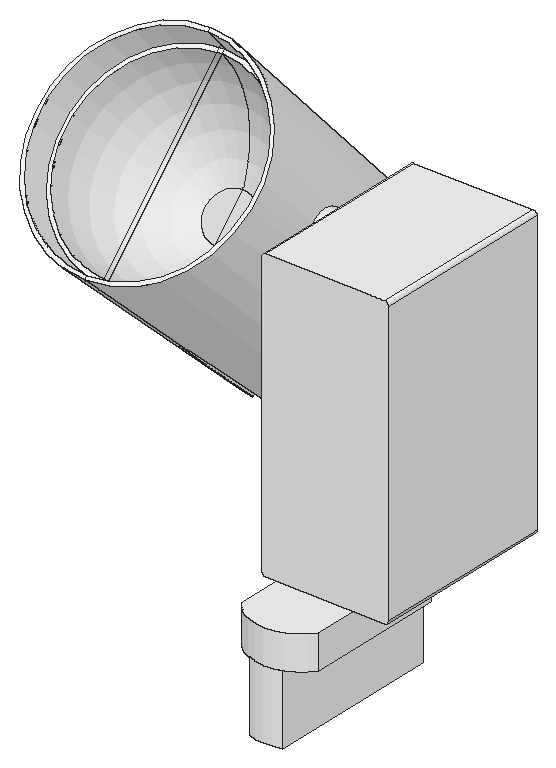
Revit family "0004816 Feilo Sylvania Lighting Fixture START TRACK SPOT S 24W 3K RA80 WB WHITE", category Lighting Fixtures, host Face, Revit 2017 (continued)
Definition of nested family "Start Track Spot Head"
  Types (96, lengths in mm): name | Wattage | built-in parameter 1150134 | Photometric Web File | Model | built-in parameter 1150105 | Lumens | built-in parameter 1150107 | built-in parameter 1150106 | HeadThickness_FEILO | HeadRibOffset_FEILO | HeadRibDepth_FEILO | HeadRibCutWidth_FEILO | HeadRibCutOffset_FEILO | HeadReflectorRadius_FEILO | HeadReflectorOffset_FEILO | HeadLEDRadius_FEILO | HeadHeight_FEILO | HeadDiffusorOffset_FEILO | HeadDiaOut_FEILO | HeadDiaIn_FEILO | HeadAxisFromTop_FEILO | Emit from Circle Diameter | built-in parameter 1150104 | Description | Apparent Load
    0004864 START TRACK SPOT S 24W 3K RA90 WB WHITE | 24 W | (empty or 0) | "0004864.ies" | "START TRACK SPOT S 24W 3K RA90 WB WHITE" | 152.79 (stored number, unit not read) | 1920 lm | 3000 (stored number, unit not read) | 1.5279 (stored number, unit not read) | 1.5 | 4.179 | 55.714 | 7.167 | 50.87 | 50.588 | 55.714 | 9.556 | 117 | 9.435 | 86 | 77.477 | 69.354 | 77.477 | 7.4322 (stored number, unit not read) | "Integrated LED spotlight, Textured White - RAL9016, compact and minimalist design, ideal for retail applications, die-cast aluminium body, passive cooling heatsink. Beam angle: 64°, color temperature: 3000K , total system power: 24W, total fixture output: 1928 lm, LOR: 100%, colour rendering: Ra: 90 typical, LED Chromaticity: 3 step MacAdam ellipse, lifetime: >50000 hours at L70B50, energy class: A++, A+, A, IR/UV free light source without heat radiation, operating voltage: 220-240V / 50-60Hz, drive current: 600mA, electronic driver, non-dimmable, power factor: 0.95, electrical protection: Class II, Global Track 3 Phase adapter suitable for Global trac 3-circuit tracks, ingress protection rating: IP20, suitable for internal environment only, horizontal rotation: 355°, vertical tilt: 90°, dimensions: Ø86x140x200, weight: 0.966kg." | 24 VA
    0004863 START TRACK SPOT S 24W 3K RA90 MB WHITE | 24 W | (empty or 0) | "0004863.ies" | "START TRACK SPOT S 24W 3K RA90 MB WHITE" | 154.7 (stored number, unit not read) | 1944 lm | 3000 (stored number, unit not read) | 1.547 (stored number, unit not read) | 1.5 | 4.179 | 55.714 | 7.167 | 50.87 | 50.588 | 55.714 | 9.556 | 117 | 9.435 | 86 | 77.477 | 69.354 | 77.477 | 7.5251 (stored number, unit not read) | "Integrated LED spotlight, Textured White - RAL9016, compact and minimalist design, ideal for retail applications, die-cast aluminium body, passive cooling heatsink. Beam angle: 36°, color temperature: 3000K , total system power: 24W, total fixture output: 1944 lm, LOR: 100%, colour rendering: Ra: 90 typical, LED Chromaticity: 3 step MacAdam ellipse, lifetime: >50000 hours at L70B50, energy class: A++, A+, A, IR/UV free light source without heat radiation, operating voltage: 220-240V / 50-60Hz, drive current: 600mA, electronic driver, non-dimmable, power factor: 0.95, electrical protection: Class II, Global Track 3 Phase adapter suitable for Global trac 3-circuit tracks, ingress protection rating: IP20, suitable for internal environment only, horizontal rotation: 355°, vertical tilt: 90°, dimensions: Ø86x140x200, weight: 0.966kg." | 24 VA
    0004862 START TRACK SPOT S 24W 3K RA90 NB WHITE | 24 W | (empty or 0) | "0004862.ies" | "START TRACK SPOT S 24W 3K RA90 NB WHITE" | 158.52 (stored number, unit not read) | 1992 lm | 3000 (stored number, unit not read) | 1.5852 (stored number, unit not read) | 1.5 | 4.179 | 55.714 | 7.167 | 50.87 | 50.588 | 55.714 | 9.556 | 117 | 9.435 | 86 | 77.477 | 69.354 | 77.477 | 7.711 (stored number, unit not read) | "Integrated LED spotlight, Textured White - RAL9016, compact and minimalist design, ideal for retail applications, die-cast aluminium body, passive cooling heatsink. Beam angle: 12°, color temperature: 3000K , total system power: 24W, total fixture output: 1987 lm, LOR: 100%, colour rendering: Ra: 90 typical, LED Chromaticity: 3 step MacAdam ellipse, lifetime: >50000 hours at L70B50, energy class: A++, A+, A, IR/UV free light source without heat radiation, operating voltage: 220-240V / 50-60Hz, drive current: 600mA, electronic driver, non-dimmable, power factor: 0.95, electrical protection: Class II, Global Track 3 Phase adapter suitable for Global trac 3-circuit tracks, ingress protection rating: IP20, suitable for internal environment only, horizontal rotation: 355°, vertical tilt: 90°, dimensions: Ø86x140x200, weight: 0.966kg." | 24 VA
    0004861 START TRACK SPOT S 14W 3K RA90 WB WHITE | 14 W | (empty or 0) | "0004861.ies" | "START TRACK SPOT S 14W 3K RA90 WB WHITE" | 100.27 (stored number, unit not read) | 1260 lm | 3000 (stored number, unit not read) | 1.0027 (stored number, unit not read) | 1.5 | 4.179 | 55.714 | 7.167 | 50.87 | 50.588 | 55.714 | 9.556 | 117 | 9.435 | 86 | 77.477 | 69.354 | 77.477 | 8.3613 (stored number, unit not read) | "Integrated LED spotlight, Textured White - RAL9016, compact and minimalist design, ideal for retail applications, die-cast aluminium body, passive cooling heatsink. Beam angle: 64°, color temperature: 3000K , total system power: 14W, total fixture output: 1262 lm, LOR: 100%, colour rendering: Ra: 90 typical, LED Chromaticity: 3 step MacAdam ellipse, lifetime: >50000 hours at L70B50, energy class: A++, A+, A, IR/UV free light source without heat radiation, operating voltage: 220-240V / 50-60Hz, drive current: 350mA, electronic driver, non-dimmable, power factor: 0.92, electrical protection: Class II, Global Track 3 Phase adapter suitable for Global trac 3-circuit tracks, ingress protection rating: IP20, suitable for internal environment only, horizontal rotation: 355°, vertical tilt: 90°, dimensions: Ø86x140x200, weight: 0.940kg." | 14 VA
    0004860 START TRACK SPOT S 14W 3K RA90 MB WHITE | 14 W | (empty or 0) | "0004860.ies" | "START TRACK SPOT S 14W 3K RA90 MB WHITE" | 100.27 (stored number, unit not read) | 1260 lm | 3000 (stored number, unit not read) | 1.0027 (stored number, unit not read) | 1.5 | 4.179 | 55.714 | 7.167 | 50.87 | 50.588 | 55.714 | 9.556 | 117 | 9.435 | 86 | 77.477 | 69.354 | 77.477 | 8.3613 (stored number, unit not read) | "Integrated LED spotlight, Textured White - RAL9016, compact and minimalist design, ideal for retail applications, die-cast aluminium body, passive cooling heatsink. Beam angle: 36°, color temperature: 3000K , total system power: 14W, total fixture output: 1262 lm, LOR: 100%, colour rendering: Ra: 90 typical, LED Chromaticity: 3 step MacAdam ellipse, lifetime: >50000 hours at L70B50, energy class: A++, A+, A, IR/UV free light source without heat radiation, operating voltage: 220-240V / 50-60Hz, drive current: 350mA, electronic driver, non-dimmable, power factor: 0.92, electrical protection: Class II, Global Track 3 Phase adapter suitable for Global trac 3-circuit tracks, ingress protection rating: IP20, suitable for internal environment only, horizontal rotation: 355°, vertical tilt: 90°, dimensions: Ø86x140x200, weight: 0.940kg." | 14 VA
    0004859 START TRACK SPOT S 14W 3K RA90 NB WHITE | 14 W | (empty or 0) | "0004859.ies" | "START TRACK SPOT S 14W 3K RA90 NB WHITE" | 102.5 (stored number, unit not read) | 1288 lm | 3000 (stored number, unit not read) | 1.025 (stored number, unit not read) | 1.5 | 4.179 | 55.714 | 7.167 | 50.87 | 50.588 | 55.714 | 9.556 | 117 | 9.435 | 86 | 77.477 | 69.354 | 77.477 | 8.5471 (stored number, unit not read) | "Integrated LED spotlight, Textured White - RAL9016, compact and minimalist design, ideal for retail applications, die-cast aluminium body, passive cooling heatsink. Beam angle: 12°, color temperature: 3000K , total system power: 14W, total fixture output: 1284 lm, LOR: 100%, colour rendering: Ra: 90 typical, LED Chromaticity: 3 step MacAdam ellipse, lifetime: >50000 hours at L70B50, energy class: A++, A+, A, IR/UV free light source without heat radiation, operating voltage: 220-240V / 50-60Hz, drive current: 350mA, electronic driver, non-dimmable, power factor: 0.92, electrical protection: Class II, Global Track 3 Phase adapter suitable for Global trac 3-circuit tracks, ingress protection rating: IP20, suitable for internal environment only, horizontal rotation: 355°, vertical tilt: 90°, dimensions: Ø86x140x200, weight: 0.940kg." | 14 VA
    0004858 START TRACK SPOT L 55W 4K RA80 WB BLACK | 55 W | 12 | "0004858.ies" | "START TRACK SPOT L 55W 4K RA80 WB BLACK" | 424.55 (stored number, unit not read) | 5335 lm | 4000 (stored number, unit not read) | 4.2455 (stored number, unit not read) | 2 | 4.429 | 59.048 | 9.417 | 53.913 | 66.471 | 59.048 | 12.556 | 124 | 10 | 113 | 101.802 | 73.503 | 101.802 | 9.0116 (stored number, unit not read) | "Integrated LED spotlight, Textured Black - RAL9005, compact and minimalist design, ideal for retail applications, die-cast aluminium body, passive cooling heatsink. Beam angle: 52°, color temperature: 4000K , total system power: 55W, total fixture output: 5320 lm, LOR: 100%, colour rendering: Ra: 80 typical, LED Chromaticity: 3 step MacAdam ellipse, lifetime: >50000 hours at L70B50, energy class: A++, A+, A, IR/UV free light source without heat radiation, operating voltage: 220-240V / 50-60Hz, drive current: 1400mA, electronic driver, non-dimmable, power factor: 0.96, electrical protection: Class II, Global Track 3 Phase adapter suitable for Global trac 3-circuit tracks, ingress protection rating: IP20, suitable for internal environment only, horizontal rotation: 355°, vertical tilt: 90°, dimensions: Ø113x164x240, weight: 1.398kg." | 55 VA
    0004857 START TRACK SPOT L 55W 4K RA80 MB BLACK | 55 W | 12 | "0004857.ies" | "START TRACK SPOT L 55W 4K RA80 MB BLACK" | 428.92 (stored number, unit not read) | 5390 lm | 4000 (stored number, unit not read) | 4.2892 (stored number, unit not read) | 2 | 4.429 | 59.048 | 9.417 | 53.913 | 66.471 | 59.048 | 12.556 | 124 | 10 | 113 | 101.802 | 73.503 | 101.802 | 9.1045 (stored number, unit not read) | "Integrated LED spotlight, Textured Black - RAL9005, compact and minimalist design, ideal for retail applications, die-cast aluminium body, passive cooling heatsink. Beam angle: 38°, color temperature: 4000K , total system power: 55W, total fixture output: 5378 lm, LOR: 100%, colour rendering: Ra: 80 typical, LED Chromaticity: 3 step MacAdam ellipse, lifetime: >50000 hours at L70B50, energy class: A++, A+, A, IR/UV free light source without heat radiation, operating voltage: 220-240V / 50-60Hz, drive current: 1400mA, electronic driver, non-dimmable, power factor: 0.96, electrical protection: Class II, Global Track 3 Phase adapter suitable for Global trac 3-circuit tracks, ingress protection rating: IP20, suitable for internal environment only, horizontal rotation: 355°, vertical tilt: 90°, dimensions: Ø113x164x240, weight: 1.398kg." | 55 VA
    0004856 START TRACK SPOT L 55W 4K RA80 NB BLACK | 55 W | 12 | "0004856.ies" | "START TRACK SPOT L 55W 4K RA80 NB BLACK" | 433.3 (stored number, unit not read) | 5445 lm | 4000 (stored number, unit not read) | 4.333 (stored number, unit not read) | 2 | 4.429 | 59.048 | 9.417 | 53.913 | 66.471 | 59.048 | 12.556 | 124 | 10 | 113 | 101.802 | 73.503 | 101.802 | 9.1974 (stored number, unit not read) | "Integrated LED spotlight, Textured Black - RAL9005, compact and minimalist design, ideal for retail applications, die-cast aluminium body, passive cooling heatsink. Beam angle: 15°, color temperature: 4000K , total system power: 55W, total fixture output: 5426 lm, LOR: 100%, colour rendering: Ra: 80 typical, LED Chromaticity: 3 step MacAdam ellipse, lifetime: >50000 hours at L70B50, energy class: A++, A+, A, IR/UV free light source without heat radiation, operating voltage: 220-240V / 50-60Hz, drive current: 1400mA, electronic driver, non-dimmable, power factor: 0.96, electrical protection: Class II, Global Track 3 Phase adapter suitable for Global trac 3-circuit tracks, ingress protection rating: IP20, suitable for internal environment only, horizontal rotation: 355°, vertical tilt: 90°, dimensions: Ø113x164x240, weight: 1.398kg." | 55 VA
    0004855 START TRACK SPOT L 35W 4K RA80 WB BLACK | 35 W | 12 | "0004855.ies" | "START TRACK SPOT L 35W 4K RA80 WB BLACK" | 320.3 (stored number, unit not read) | 4025 lm | 4000 (stored number, unit not read) | 3.203 (stored number, unit not read) | 2 | 4.429 | 59.048 | 9.417 | 53.913 | 66.471 | 59.048 | 12.556 | 124 | 10 | 113 | 101.802 | 73.503 | 101.802 | 10.684 (stored number, unit not read) | "Integrated LED spotlight, Textured Black - RAL9005, compact and minimalist design, ideal for retail applications, die-cast aluminium body, passive cooling heatsink. Beam angle: 52°, color temperature: 4000K , total system power: 35W, total fixture output: 4010 lm, LOR: 100%, colour rendering: Ra: 80 typical, LED Chromaticity: 3 step MacAdam ellipse, lifetime: >50000 hours at L70B50, energy class: A++, A+, A, IR/UV free light source without heat radiation, operating voltage: 220-240V / 50-60Hz, drive current: 900mA, electronic driver, non-dimmable, power factor: 0.93, electrical protection: Class II, Global Track 3 Phase adapter suitable for Global trac 3-circuit tracks, ingress protection rating: IP20, suitable for internal environment only, horizontal rotation: 355°, vertical tilt: 90°, dimensions: Ø113x164x240, weight: 1.368kg." | 35 VA
    0004854 START TRACK SPOT L 35W 4K RA80 MB BLACK | 35 W | 12 | "0004854.ies" | "START TRACK SPOT L 35W 4K RA80 MB BLACK" | 320.3 (stored number, unit not read) | 4025 lm | 4000 (stored number, unit not read) | 3.203 (stored number, unit not read) | 2 | 4.429 | 59.048 | 9.417 | 53.913 | 66.471 | 59.048 | 12.556 | 124 | 10 | 113 | 101.802 | 73.503 | 101.802 | 10.684 (stored number, unit not read) | "Integrated LED spotlight, Textured Black - RAL9005, compact and minimalist design, ideal for retail applications, die-cast aluminium body, passive cooling heatsink. Beam angle: 38°, color temperature: 4000K , total system power: 35W, total fixture output: 4017 lm, LOR: 100%, colour rendering: Ra: 80 typical, LED Chromaticity: 3 step MacAdam ellipse, lifetime: >50000 hours at L70B50, energy class: A++, A+, A, IR/UV free light source without heat radiation, operating voltage: 220-240V / 50-60Hz, drive current: 900mA, electronic driver, non-dimmable, power factor: 0.93, electrical protection: Class II, Global Track 3 Phase adapter suitable for Global trac 3-circuit tracks, ingress protection rating: IP20, suitable for internal environment only, horizontal rotation: 355°, vertical tilt: 90°, dimensions: Ø113x164x240, weight: 1.368kg." | 35 VA
    0004853 START TRACK SPOT L 35W 4K RA80 NB BLACK | 35 W | 12 | "0004853.ies" | "START TRACK SPOT L 35W 4K RA80 NB BLACK" | 331.44 (stored number, unit not read) | 4165 lm | 4000 (stored number, unit not read) | 3.3144 (stored number, unit not read) | 2 | 4.429 | 59.048 | 9.417 | 53.913 | 66.471 | 59.048 | 12.556 | 124 | 10 | 113 | 101.802 | 73.503 | 101.802 | 11.055 (stored number, unit not read) | "Integrated LED spotlight, Textured Black - RAL9005, compact and minimalist design, ideal for retail applications, die-cast aluminium body, passive cooling heatsink. Beam angle: 15°, color temperature: 4000K , total system power: 35W, total fixture output: 4174 lm, LOR: 100%, colour rendering: Ra: 80 typical, LED Chromaticity: 3 step MacAdam ellipse, lifetime: >50000 hours at L70B50, energy class: A++, A+, A, IR/UV free light source without heat radiation, operating voltage: 220-240V / 50-60Hz, drive current: 900mA, electronic driver, non-dimmable, power factor: 0.93, electrical protection: Class II, Global Track 3 Phase adapter suitable for Global trac 3-circuit tracks, ingress protection rating: IP20, suitable for internal environment only, horizontal rotation: 355°, vertical tilt: 90°, dimensions: Ø113x164x240, weight: 1.368kg." | 35 VA
    0004852 START TRACK SPOT S 24W 4K RA80 WB BLACK | 24 W | 12 | "0004852.ies" | "START TRACK SPOT S 24W 4K RA80 WB BLACK" | 196.72 (stored number, unit not read) | 2472 lm | 4000 (stored number, unit not read) | 1.9672 (stored number, unit not read) | 1.5 | 4.179 | 55.714 | 7.167 | 50.87 | 50.588 | 55.714 | 9.556 | 117 | 9.435 | 86 | 77.477 | 69.354 | 77.477 | 9.569 (stored number, unit not read) | "Integrated LED spotlight, Textured Black - RAL9005, compact and minimalist design, ideal for retail applications, die-cast aluminium body, passive cooling heatsink. Beam angle: 64°, color temperature: 4000K , total system power: 24W, total fixture output: 2476 lm, LOR: 100%, colour rendering: Ra: 80 typical, LED Chromaticity: 3 step MacAdam ellipse, lifetime: >50000 hours at L70B50, energy class: A++, A+, A, IR/UV free light source without heat radiation, operating voltage: 220-240V / 50-60Hz, drive current: 600mA, electronic driver, non-dimmable, power factor: 0.95, electrical protection: Class II, Global Track 3 Phase adapter suitable for Global trac 3-circuit tracks, ingress protection rating: IP20, suitable for internal environment only, horizontal rotation: 355°, vertical tilt: 90°, dimensions: Ø86x140x200, weight: 0.966kg." | 24 VA
    0004851 START TRACK SPOT S 24W 4K RA80 MB BLACK | 24 W | 12 | "0004851.ies" | "START TRACK SPOT S 24W 4K RA80 MB BLACK" | 198.63 (stored number, unit not read) | 2496 lm | 4000 (stored number, unit not read) | 1.9863 (stored number, unit not read) | 1.5 | 4.179 | 55.714 | 7.167 | 50.87 | 50.588 | 55.714 | 9.556 | 117 | 9.435 | 86 | 77.477 | 69.354 | 77.477 | 9.6619 (stored number, unit not read) | "Integrated LED spotlight, Textured Black - RAL9005, compact and minimalist design, ideal for retail applications, die-cast aluminium body, passive cooling heatsink. Beam angle: 36°, color temperature: 4000K , total system power: 24W, total fixture output: 2487 lm, LOR: 100%, colour rendering: Ra: 80 typical, LED Chromaticity: 3 step MacAdam ellipse, lifetime: >50000 hours at L70B50, energy class: A++, A+, A, IR/UV free light source without heat radiation, operating voltage: 220-240V / 50-60Hz, drive current: 600mA, electronic driver, non-dimmable, power factor: 0.95, electrical protection: Class II, Global Track 3 Phase adapter suitable for Global trac 3-circuit tracks, ingress protection rating: IP20, suitable for internal environment only, horizontal rotation: 355°, vertical tilt: 90°, dimensions: Ø86x140x200, weight: 0.966kg." | 24 VA
    0004850 START TRACK SPOT S 24W 4K RA80 NB BLACK | 24 W | 12 | "0004850.ies" | "START TRACK SPOT S 24W 4K RA80 NB BLACK" | 200.54 (stored number, unit not read) | 2520 lm | 4000 (stored number, unit not read) | 2.0054 (stored number, unit not read) | 1.5 | 4.179 | 55.714 | 7.167 | 50.87 | 50.588 | 55.714 | 9.556 | 117 | 9.435 | 86 | 77.477 | 69.354 | 77.477 | 9.7548 (stored number, unit not read) | "Integrated LED spotlight, Textured Black - RAL9005, compact and minimalist design, ideal for retail applications, die-cast aluminium body, passive cooling heatsink. Beam angle: 12°, color temperature: 4000K , total system power: 24W, total fixture output: 2529 lm, LOR: 100%, colour rendering: Ra: 80 typical, LED Chromaticity: 3 step MacAdam ellipse, lifetime: >50000 hours at L70B50, energy class: A++, A+, A, IR/UV free light source without heat radiation, operating voltage: 220-240V / 50-60Hz, drive current: 600mA, electronic driver, non-dimmable, power factor: 0.95, electrical protection: Class II, Global Track 3 Phase adapter suitable for Global trac 3-circuit tracks, ingress protection rating: IP20, suitable for internal environment only, horizontal rotation: 355°, vertical tilt: 90°, dimensions: Ø86x140x200, weight: 0.966kg." | 24 VA
    0004849 START TRACK SPOT S 14W 4K RA80 WB BLACK | 14 W | 12 | "0004849.ies" | "START TRACK SPOT S 14W 4K RA80 WB BLACK" | 123.66 (stored number, unit not read) | 1554 lm | 4000 (stored number, unit not read) | 1.2366 (stored number, unit not read) | 1.5 | 4.179 | 55.714 | 7.167 | 50.87 | 50.588 | 55.714 | 9.556 | 117 | 9.435 | 86 | 77.477 | 69.354 | 77.477 | 10.312 (stored number, unit not read) | "Integrated LED spotlight, Textured Black - RAL9005, compact and minimalist design, ideal for retail applications, die-cast aluminium body, passive cooling heatsink. Beam angle: 64°, color temperature: 4000K , total system power: 14W, total fixture output: 1558 lm, LOR: 100%, colour rendering: Ra: 80 typical, LED Chromaticity: 3 step MacAdam ellipse, lifetime: >50000 hours at L70B50, energy class: A++, A+, A, IR/UV free light source without heat radiation, operating voltage: 220-240V / 50-60Hz, drive current: 350mA, electronic driver, non-dimmable, power factor: 0.92, electrical protection: Class II, Global Track 3 Phase adapter suitable for Global trac 3-circuit tracks, ingress protection rating: IP20, suitable for internal environment only, horizontal rotation: 355°, vertical tilt: 90°, dimensions: Ø86x140x200, weight: 0.940kg." | 14 VA
    0004848 START TRACK SPOT S 14W 4K RA80 MB BLACK | 14 W | 12 | "0004848.ies" | "START TRACK SPOT S 14W 4K RA80 MB BLACK" | 127.01 (stored number, unit not read) | 1596 lm | 4000 (stored number, unit not read) | 1.2701 (stored number, unit not read) | 1.5 | 4.179 | 55.714 | 7.167 | 50.87 | 50.588 | 55.714 | 9.556 | 117 | 9.435 | 86 | 77.477 | 69.354 | 77.477 | 10.591 (stored number, unit not read) | "Integrated LED spotlight, Textured Black - RAL9005, compact and minimalist design, ideal for retail applications, die-cast aluminium body, passive cooling heatsink. Beam angle: 36°, color temperature: 4000K , total system power: 14W, total fixture output: 1598 lm, LOR: 100%, colour rendering: Ra: 80 typical, LED Chromaticity: 3 step MacAdam ellipse, lifetime: >50000 hours at L70B50, energy class: A++, A+, A, IR/UV free light source without heat radiation, operating voltage: 220-240V / 50-60Hz, drive current: 350mA, electronic driver, non-dimmable, power factor: 0.92, electrical protection: Class II, Global Track 3 Phase adapter suitable for Global trac 3-circuit tracks, ingress protection rating: IP20, suitable for internal environment only, horizontal rotation: 355°, vertical tilt: 90°, dimensions: Ø86x140x200, weight: 0.940kg." | 14 VA
    0004847 START TRACK SPOT S 14W 4K RA80 NB BLACK | 14 W | 12 | "0004847.ies" | "START TRACK SPOT S 14W 4K RA80 NB BLACK" | 128.12 (stored number, unit not read) | 1610 lm | 4000 (stored number, unit not read) | 1.2812 (stored number, unit not read) | 1.5 | 4.179 | 55.714 | 7.167 | 50.87 | 50.588 | 55.714 | 9.556 | 117 | 9.435 | 86 | 77.477 | 69.354 | 77.477 | 10.684 (stored number, unit not read) | "Integrated LED spotlight, Textured Black - RAL9005, compact and minimalist design, ideal for retail applications, die-cast aluminium body, passive cooling heatsink. Beam angle: 12°, color temperature: 4000K , total system power: 14W, total fixture output: 1608 lm, LOR: 100%, colour rendering: Ra: 80 typical, LED Chromaticity: 3 step MacAdam ellipse, lifetime: >50000 hours at L70B50, energy class: A++, A+, A, IR/UV free light source without heat radiation, operating voltage: 220-240V / 50-60Hz, drive current: 350mA, electronic driver, non-dimmable, power factor: 0.92, electrical protection: Class II, Global Track 3 Phase adapter suitable for Global trac 3-circuit tracks, ingress protection rating: IP20, suitable for internal environment only, horizontal rotation: 355°, vertical tilt: 90°, dimensions: Ø86x140x200, weight: 0.940kg." | 14 VA
    0004846 START TRACK SPOT L 55W 3K RA80 WB BLACK | 55 W | (empty or 0) | "0004846.ies" | "START TRACK SPOT L 55W 3K RA80 WB BLACK" | 420.17 (stored number, unit not read) | 5280 lm | 3000 (stored number, unit not read) | 4.2017 (stored number, unit not read) | 2 | 4.429 | 59.048 | 9.417 | 53.913 | 66.471 | 59.048 | 12.556 | 124 | 10 | 113 | 101.802 | 73.503 | 101.802 | 8.9187 (stored number, unit not read) | "Integrated LED spotlight, Textured Black - RAL9005, compact and minimalist design, ideal for retail applications, die-cast aluminium body, passive cooling heatsink. Beam angle: 52°, color temperature: 3000K , total system power: 55W, total fixture output: 5298 lm, LOR: 100%, colour rendering: Ra: 80 typical, LED Chromaticity: 3 step MacAdam ellipse, lifetime: >50000 hours at L70B50, energy class: A++, A+, A, IR/UV free light source without heat radiation, operating voltage: 220-240V / 50-60Hz, drive current: 1400mA, electronic driver, non-dimmable, power factor: 0.96, electrical protection: Class II, Global Track 3 Phase adapter suitable for Global trac 3-circuit tracks, ingress protection rating: IP20, suitable for internal environment only, horizontal rotation: 355°, vertical tilt: 90°, dimensions: Ø113x164x240, weight: 1.398kg." | 55 VA
    0004845 START TRACK SPOT L 55W 3K RA80 MB BLACK | 55 W | (empty or 0) | "0004845.ies" | "START TRACK SPOT L 55W 3K RA80 MB BLACK" | 428.92 (stored number, unit not read) | 5390 lm | 3000 (stored number, unit not read) | 4.2892 (stored number, unit not read) | 2 | 4.429 | 59.048 | 9.417 | 53.913 | 66.471 | 59.048 | 12.556 | 124 | 10 | 113 | 101.802 | 73.503 | 101.802 | 9.1045 (stored number, unit not read) | "Integrated LED spotlight, Textured Black - RAL9005, compact and minimalist design, ideal for retail applications, die-cast aluminium body, passive cooling heatsink. Beam angle: 38°, color temperature: 3000K , total system power: 55W, total fixture output: 5381 lm, LOR: 100%, colour rendering: Ra: 80 typical, LED Chromaticity: 3 step MacAdam ellipse, lifetime: >50000 hours at L70B50, energy class: A++, A+, A, IR/UV free light source without heat radiation, operating voltage: 220-240V / 50-60Hz, drive current: 1400mA, electronic driver, non-dimmable, power factor: 0.96, electrical protection: Class II, Global Track 3 Phase adapter suitable for Global trac 3-circuit tracks, ingress protection rating: IP20, suitable for internal environment only, horizontal rotation: 355°, vertical tilt: 90°, dimensions: Ø113x164x240, weight: 1.398kg." | 55 VA
    0004844 START TRACK SPOT L 55W 3K RA80 NB BLACK | 55 W | (empty or 0) | "0004844.ies" | "START TRACK SPOT L 55W 3K RA80 NB BLACK" | 433.3 (stored number, unit not read) | 5445 lm | 3000 (stored number, unit not read) | 4.333 (stored number, unit not read) | 2 | 4.429 | 59.048 | 9.417 | 53.913 | 66.471 | 59.048 | 12.556 | 124 | 10 | 113 | 101.802 | 73.503 | 101.802 | 9.1974 (stored number, unit not read) | "Integrated LED spotlight, Textured Black - RAL9005, compact and minimalist design, ideal for retail applications, die-cast aluminium body, passive cooling heatsink. Beam angle: 15°, color temperature: 3000K , total system power: 55W, total fixture output: 5449 lm, LOR: 100%, colour rendering: Ra: 80 typical, LED Chromaticity: 3 step MacAdam ellipse, lifetime: >50000 hours at L70B50, energy class: A++, A+, A, IR/UV free light source without heat radiation, operating voltage: 220-240V / 50-60Hz, drive current: 1400mA, electronic driver, non-dimmable, power factor: 0.96, electrical protection: Class II, Global Track 3 Phase adapter suitable for Global trac 3-circuit tracks, ingress protection rating: IP20, suitable for internal environment only, horizontal rotation: 355°, vertical tilt: 90°, dimensions: Ø113x164x240, weight: 1.398kg." | 55 VA
    0004843 START TRACK SPOT L 35W 3K RA80 WB BLACK | 35 W | (empty or 0) | "0004843.ies" | "START TRACK SPOT L 35W 3K RA80 WB BLACK" | 314.73 (stored number, unit not read) | 3955 lm | 3000 (stored number, unit not read) | 3.1473 (stored number, unit not read) | 2 | 4.429 | 59.048 | 9.417 | 53.913 | 66.471 | 59.048 | 12.556 | 124 | 10 | 113 | 101.802 | 73.503 | 101.802 | 10.498 (stored number, unit not read) | "Integrated LED spotlight, Textured Black - RAL9005, compact and minimalist design, ideal for retail applications, die-cast aluminium body, passive cooling heatsink. Beam angle: 52°, color temperature: 3000K , total system power: 35W, total fixture output: 3943 lm, LOR: 100%, colour rendering: Ra: 80 typical, LED Chromaticity: 3 step MacAdam ellipse, lifetime: >50000 hours at L70B50, energy class: A++, A+, A, IR/UV free light source without heat radiation, operating voltage: 220-240V / 50-60Hz, drive current: 900mA, electronic driver, non-dimmable, power factor: 0.93, electrical protection: Class II, Global Track 3 Phase adapter suitable for Global trac 3-circuit tracks, ingress protection rating: IP20, suitable for internal environment only, horizontal rotation: 355°, vertical tilt: 90°, dimensions: Ø113x164x240, weight: 1.368kg." | 35 VA
    0004842 START TRACK SPOT L 35W 3K RA80 MB BLACK | 35 W | (empty or 0) | "0004842.ies" | "START TRACK SPOT L 35W 3K RA80 MB BLACK" | 320.3 (stored number, unit not read) | 4025 lm | 3000 (stored number, unit not read) | 3.203 (stored number, unit not read) | 2 | 4.429 | 59.048 | 9.417 | 53.913 | 66.471 | 59.048 | 12.556 | 124 | 10 | 113 | 101.802 | 73.503 | 101.802 | 10.684 (stored number, unit not read) | "Integrated LED spotlight, Textured Black - RAL9005, compact and minimalist design, ideal for retail applications, die-cast aluminium body, passive cooling heatsink. Beam angle: 38°, color temperature: 3000K , total system power: 35W, total fixture output: 4008 lm, LOR: 100%, colour rendering: Ra: 80 typical, LED Chromaticity: 3 step MacAdam ellipse, lifetime: >50000 hours at L70B50, energy class: A++, A+, A, IR/UV free light source without heat radiation, operating voltage: 220-240V / 50-60Hz, drive current: 900mA, electronic driver, non-dimmable, power factor: 0.93, electrical protection: Class II, Global Track 3 Phase adapter suitable for Global trac 3-circuit tracks, ingress protection rating: IP20, suitable for internal environment only, horizontal rotation: 355°, vertical tilt: 90°, dimensions: Ø113x164x240, weight: 1.368kg." | 35 VA
    0004841 START TRACK SPOT L 35W 3K RA80 NB BLACK | 35 W | (empty or 0) | "0004841.ies" | "START TRACK SPOT L 35W 3K RA80 NB BLACK" | 317.51 (stored number, unit not read) | 3990 lm | 3000 (stored number, unit not read) | 3.1751 (stored number, unit not read) | 2 | 4.429 | 59.048 | 9.417 | 53.913 | 66.471 | 59.048 | 12.556 | 124 | 10 | 113 | 101.802 | 73.503 | 101.802 | 10.591 (stored number, unit not read) | "Integrated LED spotlight, Textured Black - RAL9005, compact and minimalist design, ideal for retail applications, die-cast aluminium body, passive cooling heatsink. Beam angle: 15°, color temperature: 3000K , total system power: 35W, total fixture output: 4005 lm, LOR: 100%, colour rendering: Ra: 80 typical, LED Chromaticity: 3 step MacAdam ellipse, lifetime: >50000 hours at L70B50, energy class: A++, A+, A, IR/UV free light source without heat radiation, operating voltage: 220-240V / 50-60Hz, drive current: 900mA, electronic driver, non-dimmable, power factor: 0.93, electrical protection: Class II, Global Track 3 Phase adapter suitable for Global trac 3-circuit tracks, ingress protection rating: IP20, suitable for internal environment only, horizontal rotation: 355°, vertical tilt: 90°, dimensions: Ø113x164x240, weight: 1.368kg." | 35 VA
    0004840 START TRACK SPOT S 24W 3K RA80 WB BLACK | 24 W | (empty or 0) | "0004840.ies" | "START TRACK SPOT S 24W 3K RA80 WB BLACK" | 185.26 (stored number, unit not read) | 2328 lm | 3000 (stored number, unit not read) | 1.8526 (stored number, unit not read) | 1.5 | 4.179 | 55.714 | 7.167 | 50.87 | 50.588 | 55.714 | 9.556 | 117 | 9.435 | 86 | 77.477 | 69.354 | 77.477 | 9.0116 (stored number, unit not read) | "Integrated LED spotlight, Textured Black - RAL9005, compact and minimalist design, ideal for retail applications, die-cast aluminium body, passive cooling heatsink. Beam angle: 64°, color temperature: 3000K , total system power: 24W, total fixture output: 2318 lm, LOR: 100%, colour rendering: Ra: 80 typical, LED Chromaticity: 3 step MacAdam ellipse, lifetime: >50000 hours at L70B50, energy class: A++, A+, A, IR/UV free light source without heat radiation, operating voltage: 220-240V / 50-60Hz, drive current: 600mA, electronic driver, non-dimmable, power factor: 0.95, electrical protection: Class II, Global Track 3 Phase adapter suitable for Global trac 3-circuit tracks, ingress protection rating: IP20, suitable for internal environment only, horizontal rotation: 355°, vertical tilt: 90°, dimensions: Ø86x140x200, weight: 0.966kg." | 24 VA
    0004839 START TRACK SPOT S 24W 3K RA80 MB BLACK | 24 W | (empty or 0) | "0004839.ies" | "START TRACK SPOT S 24W 3K RA80 MB BLACK" | 183.35 (stored number, unit not read) | 2304 lm | 3000 (stored number, unit not read) | 1.8335 (stored number, unit not read) | 1.5 | 4.179 | 55.714 | 7.167 | 50.87 | 50.588 | 55.714 | 9.556 | 117 | 9.435 | 86 | 77.477 | 69.354 | 77.477 | 8.9187 (stored number, unit not read) | "Integrated LED spotlight, Textured Black - RAL9005, compact and minimalist design, ideal for retail applications, die-cast aluminium body, passive cooling heatsink. Beam angle: 36°, color temperature: 3000K , total system power: 24W, total fixture output: 2314 lm, LOR: 100%, colour rendering: Ra: 80 typical, LED Chromaticity: 3 step MacAdam ellipse, lifetime: >50000 hours at L70B50, energy class: A++, A+, A, IR/UV free light source without heat radiation, operating voltage: 220-240V / 50-60Hz, drive current: 600mA, electronic driver, non-dimmable, power factor: 0.95, electrical protection: Class II, Global Track 3 Phase adapter suitable for Global trac 3-circuit tracks, ingress protection rating: IP20, suitable for internal environment only, horizontal rotation: 355°, vertical tilt: 90°, dimensions: Ø86x140x200, weight: 0.966kg." | 24 VA
    0004838 START TRACK SPOT S 24W 3K RA80 NB BLACK | 24 W | (empty or 0) | "0004838.ies" | "START TRACK SPOT S 24W 3K RA80 NB BLACK" | 185.26 (stored number, unit not read) | 2328 lm | 3000 (stored number, unit not read) | 1.8526 (stored number, unit not read) | 1.5 | 4.179 | 55.714 | 7.167 | 50.87 | 50.588 | 55.714 | 9.556 | 117 | 9.435 | 86 | 77.477 | 69.354 | 77.477 | 9.0116 (stored number, unit not read) | "Integrated LED spotlight, Textured Black - RAL9005, compact and minimalist design, ideal for retail applications, die-cast aluminium body, passive cooling heatsink. Beam angle: 12°, color temperature: 3000K , total system power: 24W, total fixture output: 2334 lm, LOR: 100%, colour rendering: Ra: 80 typical, LED Chromaticity: 3 step MacAdam ellipse, lifetime: >50000 hours at L70B50, energy class: A++, A+, A, IR/UV free light source without heat radiation, operating voltage: 220-240V / 50-60Hz, drive current: 600mA, electronic driver, non-dimmable, power factor: 0.95, electrical protection: Class II, Global Track 3 Phase adapter suitable for Global trac 3-circuit tracks, ingress protection rating: IP20, suitable for internal environment only, horizontal rotation: 355°, vertical tilt: 90°, dimensions: Ø86x140x200, weight: 0.966kg." | 24 VA
    0004837 START TRACK SPOT S 14W 3K RA80 WB BLACK | 14 W | (empty or 0) | "0004837.ies" | "START TRACK SPOT S 14W 3K RA80 WB BLACK" | 119.21 (stored number, unit not read) | 1498 lm | 3000 (stored number, unit not read) | 1.1921 (stored number, unit not read) | 1.5 | 4.179 | 55.714 | 7.167 | 50.87 | 50.588 | 55.714 | 9.556 | 117 | 9.435 | 86 | 77.477 | 69.354 | 77.477 | 9.9406 (stored number, unit not read) | "Integrated LED spotlight, Textured Black - RAL9005, compact and minimalist design, ideal for retail applications, die-cast aluminium body, passive cooling heatsink. Beam angle: 64°, color temperature: 3000K , total system power: 14W, total fixture output: 1498 lm, LOR: 100%, colour rendering: Ra: 80 typical, LED Chromaticity: 3 step MacAdam ellipse, lifetime: >50000 hours at L70B50, energy class: A++, A+, A, IR/UV free light source without heat radiation, operating voltage: 220-240V / 50-60Hz, drive current: 350mA, electronic driver, non-dimmable, power factor: 0.92, electrical protection: Class II, Global Track 3 Phase adapter suitable for Global trac 3-circuit tracks, ingress protection rating: IP20, suitable for internal environment only, horizontal rotation: 355°, vertical tilt: 90°, dimensions: Ø86x140x200, weight: 0.940kg." | 14 VA
    0004836 START TRACK SPOT S 14W 3K RA80 MB BLACK | 14 W | (empty or 0) | "0004836.ies" | "START TRACK SPOT S 14W 3K RA80 MB BLACK" | 120.32 (stored number, unit not read) | 1512 lm | 3000 (stored number, unit not read) | 1.2032 (stored number, unit not read) | 1.5 | 4.179 | 55.714 | 7.167 | 50.87 | 50.588 | 55.714 | 9.556 | 117 | 9.435 | 86 | 77.477 | 69.354 | 77.477 | 10.034 (stored number, unit not read) | "Integrated LED spotlight, Textured Black - RAL9005, compact and minimalist design, ideal for retail applications, die-cast aluminium body, passive cooling heatsink. Beam angle: 36°, color temperature: 3000K , total system power: 14W, total fixture output: 1508 lm, LOR: 100%, colour rendering: Ra: 80 typical, LED Chromaticity: 3 step MacAdam ellipse, lifetime: >50000 hours at L70B50, energy class: A++, A+, A, IR/UV free light source without heat radiation, operating voltage: 220-240V / 50-60Hz, drive current: 350mA, electronic driver, non-dimmable, power factor: 0.92, electrical protection: Class II, Global Track 3 Phase adapter suitable for Global trac 3-circuit tracks, ingress protection rating: IP20, suitable for internal environment only, horizontal rotation: 355°, vertical tilt: 90°, dimensions: Ø86x140x200, weight: 0.940kg." | 14 VA
    0004835 START TRACK SPOT S 14W 3K RA80 NB BLACK | 14 W | (empty or 0) | "0004835.ies" | "START TRACK SPOT S 14W 3K RA80 NB BLACK" | 123.66 (stored number, unit not read) | 1554 lm | 3000 (stored number, unit not read) | 1.2366 (stored number, unit not read) | 1.5 | 4.179 | 55.714 | 7.167 | 50.87 | 50.588 | 55.714 | 9.556 | 117 | 9.435 | 86 | 77.477 | 69.354 | 77.477 | 10.312 (stored number, unit not read) | "Integrated LED spotlight, Textured Black - RAL9005, compact and minimalist design, ideal for retail applications, die-cast aluminium body, passive cooling heatsink. Beam angle: 12°, color temperature: 3000K , total system power: 14W, total fixture output: 1551 lm, LOR: 100%, colour rendering: Ra: 80 typical, LED Chromaticity: 3 step MacAdam ellipse, lifetime: >50000 hours at L70B50, energy class: A++, A+, A, IR/UV free light source without heat radiation, operating voltage: 220-240V / 50-60Hz, drive current: 350mA, electronic driver, non-dimmable, power factor: 0.92, electrical protection: Class II, Global Track 3 Phase adapter suitable for Global trac 3-circuit tracks, ingress protection rating: IP20, suitable for internal environment only, horizontal rotation: 355°, vertical tilt: 90°, dimensions: Ø86x140x200, weight: 0.940kg." | 14 VA
    0004834 START TRACK SPOT L 55W 4K RA80 WB WHITE | 55 W | 12 | "0004834.ies" | "START TRACK SPOT L 55W 4K RA80 WB WHITE" | 424.55 (stored number, unit not read) | 5335 lm | 4000 (stored number, unit not read) | 4.2455 (stored number, unit not read) | 2 | 4.429 | 59.048 | 9.417 | 53.913 | 66.471 | 59.048 | 12.556 | 124 | 10 | 113 | 101.802 | 73.503 | 101.802 | 9.0116 (stored number, unit not read) | "Integrated LED spotlight, Textured White - RAL9016, compact and minimalist design, ideal for retail applications, die-cast aluminium body, passive cooling heatsink. Beam angle: 52°, color temperature: 4000K , total system power: 55W, total fixture output: 5320 lm, LOR: 100%, colour rendering: Ra: 80 typical, LED Chromaticity: 3 step MacAdam ellipse, lifetime: >50000 hours at L70B50, energy class: A++, A+, A, IR/UV free light source without heat radiation, operating voltage: 220-240V / 50-60Hz, drive current: 1400mA, electronic driver, non-dimmable, power factor: 0.96, electrical protection: Class II, Global Track 3 Phase adapter suitable for Global trac 3-circuit tracks, ingress protection rating: IP20, suitable for internal environment only, horizontal rotation: 355°, vertical tilt: 90°, dimensions: Ø113x164x240, weight: 1.398kg." | 55 VA
    0004833 START TRACK SPOT L 55W 4K RA80 MB WHITE | 55 W | 12 | "0004833.ies" | "START TRACK SPOT L 55W 4K RA80 MB WHITE" | 428.92 (stored number, unit not read) | 5390 lm | 4000 (stored number, unit not read) | 4.2892 (stored number, unit not read) | 2 | 4.429 | 59.048 | 9.417 | 53.913 | 66.471 | 59.048 | 12.556 | 124 | 10 | 113 | 101.802 | 73.503 | 101.802 | 9.1045 (stored number, unit not read) | "Integrated LED spotlight, Textured White - RAL9016, compact and minimalist design, ideal for retail applications, die-cast aluminium body, passive cooling heatsink. Beam angle: 38°, color temperature: 4000K , total system power: 55W, total fixture output: 5378 lm, LOR: 100%, colour rendering: Ra: 80 typical, LED Chromaticity: 3 step MacAdam ellipse, lifetime: >50000 hours at L70B50, energy class: A++, A+, A, IR/UV free light source without heat radiation, operating voltage: 220-240V / 50-60Hz, drive current: 1400mA, electronic driver, non-dimmable, power factor: 0.96, electrical protection: Class II, Global Track 3 Phase adapter suitable for Global trac 3-circuit tracks, ingress protection rating: IP20, suitable for internal environment only, horizontal rotation: 355°, vertical tilt: 90°, dimensions: Ø113x164x240, weight: 1.398kg." | 55 VA
    0004832 START TRACK SPOT L 55W 4K RA80 NB WHITE | 55 W | 12 | "0004832.ies" | "START TRACK SPOT L 55W 4K RA80 NB WHITE" | 433.3 (stored number, unit not read) | 5445 lm | 4000 (stored number, unit not read) | 4.333 (stored number, unit not read) | 2 | 4.429 | 59.048 | 9.417 | 53.913 | 66.471 | 59.048 | 12.556 | 124 | 10 | 113 | 101.802 | 73.503 | 101.802 | 9.1974 (stored number, unit not read) | "Integrated LED spotlight, Textured White - RAL9016, compact and minimalist design, ideal for retail applications, die-cast aluminium body, passive cooling heatsink. Beam angle: 15°, color temperature: 4000K , total system power: 55W, total fixture output: 5426 lm, LOR: 100%, colour rendering: Ra: 80 typical, LED Chromaticity: 3 step MacAdam ellipse, lifetime: >50000 hours at L70B50, energy class: A++, A+, A, IR/UV free light source without heat radiation, operating voltage: 220-240V / 50-60Hz, drive current: 1400mA, electronic driver, non-dimmable, power factor: 0.96, electrical protection: Class II, Global Track 3 Phase adapter suitable for Global trac 3-circuit tracks, ingress protection rating: IP20, suitable for internal environment only, horizontal rotation: 355°, vertical tilt: 90°, dimensions: Ø113x164x240, weight: 1.398kg." | 55 VA
    0004831 START TRACK SPOT L 35W 4K RA80 WB WHITE | 35 W | 12 | "0004831.ies" | "START TRACK SPOT L 35W 4K RA80 WB WHITE" | 320.3 (stored number, unit not read) | 4025 lm | 4000 (stored number, unit not read) | 3.203 (stored number, unit not read) | 2 | 4.429 | 59.048 | 9.417 | 53.913 | 66.471 | 59.048 | 12.556 | 124 | 10 | 113 | 101.802 | 73.503 | 101.802 | 10.684 (stored number, unit not read) | "Integrated LED spotlight, Textured White - RAL9016, compact and minimalist design, ideal for retail applications, die-cast aluminium body, passive cooling heatsink. Beam angle: 52°, color temperature: 4000K , total system power: 35W, total fixture output: 4010 lm, LOR: 100%, colour rendering: Ra: 80 typical, LED Chromaticity: 3 step MacAdam ellipse, lifetime: >50000 hours at L70B50, energy class: A++, A+, A, IR/UV free light source without heat radiation, operating voltage: 220-240V / 50-60Hz, drive current: 900mA, electronic driver, non-dimmable, power factor: 0.93, electrical protection: Class II, Global Track 3 Phase adapter suitable for Global trac 3-circuit tracks, ingress protection rating: IP20, suitable for internal environment only, horizontal rotation: 355°, vertical tilt: 90°, dimensions: Ø113x164x240, weight: 1.368kg." | 35 VA
    0004830 START TRACK SPOT L 35W 4K RA80 MB WHITE | 35 W | 12 | "0004830.ies" | "START TRACK SPOT L 35W 4K RA80 MB WHITE" | 320.3 (stored number, unit not read) | 4025 lm | 4000 (stored number, unit not read) | 3.203 (stored number, unit not read) | 2 | 4.429 | 59.048 | 9.417 | 53.913 | 66.471 | 59.048 | 12.556 | 124 | 10 | 113 | 101.802 | 73.503 | 101.802 | 10.684 (stored number, unit not read) | "Integrated LED spotlight, Textured White - RAL9016, compact and minimalist design, ideal for retail applications, die-cast aluminium body, passive cooling heatsink. Beam angle: 38°, color temperature: 4000K , total system power: 35W, total fixture output: 4017 lm, LOR: 100%, colour rendering: Ra: 80 typical, LED Chromaticity: 3 step MacAdam ellipse, lifetime: >50000 hours at L70B50, energy class: A++, A+, A, IR/UV free light source without heat radiation, operating voltage: 220-240V / 50-60Hz, drive current: 900mA, electronic driver, non-dimmable, power factor: 0.93, electrical protection: Class II, Global Track 3 Phase adapter suitable for Global trac 3-circuit tracks, ingress protection rating: IP20, suitable for internal environment only, horizontal rotation: 355°, vertical tilt: 90°, dimensions: Ø113x164x240, weight: 1.368kg." | 35 VA
    0004829 START TRACK SPOT L 35W 4K RA80 NB WHITE | 35 W | 12 | "0004829.ies" | "START TRACK SPOT L 35W 4K RA80 NB WHITE" | 331.44 (stored number, unit not read) | 4165 lm | 4000 (stored number, unit not read) | 3.3144 (stored number, unit not read) | 2 | 4.429 | 59.048 | 9.417 | 53.913 | 66.471 | 59.048 | 12.556 | 124 | 10 | 113 | 101.802 | 73.503 | 101.802 | 11.055 (stored number, unit not read) | "Integrated LED spotlight, Textured White - RAL9016, compact and minimalist design, ideal for retail applications, die-cast aluminium body, passive cooling heatsink. Beam angle: 15°, color temperature: 4000K , total system power: 35W, total fixture output: 4174 lm, LOR: 100%, colour rendering: Ra: 80 typical, LED Chromaticity: 3 step MacAdam ellipse, lifetime: >50000 hours at L70B50, energy class: A++, A+, A, IR/UV free light source without heat radiation, operating voltage: 220-240V / 50-60Hz, drive current: 900mA, electronic driver, non-dimmable, power factor: 0.93, electrical protection: Class II, Global Track 3 Phase adapter suitable for Global trac 3-circuit tracks, ingress protection rating: IP20, suitable for internal environment only, horizontal rotation: 355°, vertical tilt: 90°, dimensions: Ø113x164x240, weight: 1.368kg." | 35 VA
    0004828 START TRACK SPOT S 24W 4K RA80 WB WHITE | 24 W | 12 | "0004828.ies" | "START TRACK SPOT S 24W 4K RA80 WB WHITE" | 196.72 (stored number, unit not read) | 2472 lm | 4000 (stored number, unit not read) | 1.9672 (stored number, unit not read) | 1.5 | 4.179 | 55.714 | 7.167 | 50.87 | 50.588 | 55.714 | 9.556 | 117 | 9.435 | 86 | 77.477 | 69.354 | 77.477 | 9.569 (stored number, unit not read) | "Integrated LED spotlight, Textured White - RAL9016, compact and minimalist design, ideal for retail applications, die-cast aluminium body, passive cooling heatsink. Beam angle: 64°, color temperature: 4000K , total system power: 24W, total fixture output: 2476 lm, LOR: 100%, colour rendering: Ra: 80 typical, LED Chromaticity: 3 step MacAdam ellipse, lifetime: >50000 hours at L70B50, energy class: A++, A+, A, IR/UV free light source without heat radiation, operating voltage: 220-240V / 50-60Hz, drive current: 600mA, electronic driver, non-dimmable, power factor: 0.95, electrical protection: Class II, Global Track 3 Phase adapter suitable for Global trac 3-circuit tracks, ingress protection rating: IP20, suitable for internal environment only, horizontal rotation: 355°, vertical tilt: 90°, dimensions: Ø86x140x200, weight: 0.966kg." | 24 VA
    0004827 START TRACK SPOT S 24W 4K RA80 MB WHITE | 24 W | 12 | "0004827.ies" | "START TRACK SPOT S 24W 4K RA80 MB WHITE" | 198.63 (stored number, unit not read) | 2496 lm | 4000 (stored number, unit not read) | 1.9863 (stored number, unit not read) | 1.5 | 4.179 | 55.714 | 7.167 | 50.87 | 50.588 | 55.714 | 9.556 | 117 | 9.435 | 86 | 77.477 | 69.354 | 77.477 | 9.6619 (stored number, unit not read) | "Integrated LED spotlight, Textured White - RAL9016, compact and minimalist design, ideal for retail applications, die-cast aluminium body, passive cooling heatsink. Beam angle: 36°, color temperature: 4000K , total system power: 24W, total fixture output: 2487 lm, LOR: 100%, colour rendering: Ra: 80 typical, LED Chromaticity: 3 step MacAdam ellipse, lifetime: >50000 hours at L70B50, energy class: A++, A+, A, IR/UV free light source without heat radiation, operating voltage: 220-240V / 50-60Hz, drive current: 600mA, electronic driver, non-dimmable, power factor: 0.95, electrical protection: Class II, Global Track 3 Phase adapter suitable for Global trac 3-circuit tracks, ingress protection rating: IP20, suitable for internal environment only, horizontal rotation: 355°, vertical tilt: 90°, dimensions: Ø86x140x200, weight: 0.966kg." | 24 VA
    0004826 START TRACK SPOT S 24W 4K RA80 NB WHITE | 24 W | 12 | "0004826.ies" | "START TRACK SPOT S 24W 4K RA80 NB WHITE" | 200.54 (stored number, unit not read) | 2520 lm | 4000 (stored number, unit not read) | 2.0054 (stored number, unit not read) | 1.5 | 4.179 | 55.714 | 7.167 | 50.87 | 50.588 | 55.714 | 9.556 | 117 | 9.435 | 86 | 77.477 | 69.354 | 77.477 | 9.7548 (stored number, unit not read) | "Integrated LED spotlight, Textured White - RAL9016, compact and minimalist design, ideal for retail applications, die-cast aluminium body, passive cooling heatsink. Beam angle: 12°, color temperature: 4000K , total system power: 24W, total fixture output: 2529 lm, LOR: 100%, colour rendering: Ra: 80 typical, LED Chromaticity: 3 step MacAdam ellipse, lifetime: >50000 hours at L70B50, energy class: A++, A+, A, IR/UV free light source without heat radiation, operating voltage: 220-240V / 50-60Hz, drive current: 600mA, electronic driver, non-dimmable, power factor: 0.95, electrical protection: Class II, Global Track 3 Phase adapter suitable for Global trac 3-circuit tracks, ingress protection rating: IP20, suitable for internal environment only, horizontal rotation: 355°, vertical tilt: 90°, dimensions: Ø86x140x200, weight: 0.966kg." | 24 VA
    0004825 START TRACK SPOT S 14W 4K RA80 WB WHITE | 14 W | 12 | "0004825.ies" | "START TRACK SPOT S 14W 4K RA80 WB WHITE" | 123.66 (stored number, unit not read) | 1554 lm | 4000 (stored number, unit not read) | 1.2366 (stored number, unit not read) | 1.5 | 4.179 | 55.714 | 7.167 | 50.87 | 50.588 | 55.714 | 9.556 | 117 | 9.435 | 86 | 77.477 | 69.354 | 77.477 | 10.312 (stored number, unit not read) | "Integrated LED spotlight, Textured White - RAL9016, compact and minimalist design, ideal for retail applications, die-cast aluminium body, passive cooling heatsink. Beam angle: 64°, color temperature: 4000K , total system power: 14W, total fixture output: 1558 lm, LOR: 100%, colour rendering: Ra: 80 typical, LED Chromaticity: 3 step MacAdam ellipse, lifetime: >50000 hours at L70B50, energy class: A++, A+, A, IR/UV free light source without heat radiation, operating voltage: 220-240V / 50-60Hz, drive current: 350mA, electronic driver, non-dimmable, power factor: 0.92, electrical protection: Class II, Global Track 3 Phase adapter suitable for Global trac 3-circuit tracks, ingress protection rating: IP20, suitable for internal environment only, horizontal rotation: 355°, vertical tilt: 90°, dimensions: Ø86x140x200, weight: 0.940kg." | 14 VA
    0004824 START TRACK SPOT S 14W 4K RA80 MB WHITE | 14 W | 12 | "0004824.ies" | "START TRACK SPOT S 14W 4K RA80 MB WHITE" | 127.01 (stored number, unit not read) | 1596 lm | 4000 (stored number, unit not read) | 1.2701 (stored number, unit not read) | 1.5 | 4.179 | 55.714 | 7.167 | 50.87 | 50.588 | 55.714 | 9.556 | 117 | 9.435 | 86 | 77.477 | 69.354 | 77.477 | 10.591 (stored number, unit not read) | "Integrated LED spotlight, Textured White - RAL9016, compact and minimalist design, ideal for retail applications, die-cast aluminium body, passive cooling heatsink. Beam angle: 36°, color temperature: 4000K , total system power: 14W, total fixture output: 1598 lm, LOR: 100%, colour rendering: Ra: 80 typical, LED Chromaticity: 3 step MacAdam ellipse, lifetime: >50000 hours at L70B50, energy class: A++, A+, A, IR/UV free light source without heat radiation, operating voltage: 220-240V / 50-60Hz, drive current: 350mA, electronic driver, non-dimmable, power factor: 0.92, electrical protection: Class II, Global Track 3 Phase adapter suitable for Global trac 3-circuit tracks, ingress protection rating: IP20, suitable for internal environment only, horizontal rotation: 355°, vertical tilt: 90°, dimensions: Ø86x140x200, weight: 0.940kg." | 14 VA
    0004823 START TRACK SPOT S 14W 4K RA80 NB WHITE | 14 W | 12 | "0004823.ies" | "START TRACK SPOT S 14W 4K RA80 NB WHITE" | 128.12 (stored number, unit not read) | 1610 lm | 4000 (stored number, unit not read) | 1.2812 (stored number, unit not read) | 1.5 | 4.179 | 55.714 | 7.167 | 50.87 | 50.588 | 55.714 | 9.556 | 117 | 9.435 | 86 | 77.477 | 69.354 | 77.477 | 10.684 (stored number, unit not read) | "Integrated LED spotlight, Textured White - RAL9016, compact and minimalist design, ideal for retail applications, die-cast aluminium body, passive cooling heatsink. Beam angle: 12°, color temperature: 4000K , total system power: 14W, total fixture output: 1608 lm, LOR: 100%, colour rendering: Ra: 80 typical, LED Chromaticity: 3 step MacAdam ellipse, lifetime: >50000 hours at L70B50, energy class: A++, A+, A, IR/UV free light source without heat radiation, operating voltage: 220-240V / 50-60Hz, drive current: 350mA, electronic driver, non-dimmable, power factor: 0.92, electrical protection: Class II, Global Track 3 Phase adapter suitable for Global trac 3-circuit tracks, ingress protection rating: IP20, suitable for internal environment only, horizontal rotation: 355°, vertical tilt: 90°, dimensions: Ø86x140x200, weight: 0.940kg." | 14 VA
    0004822 START TRACK SPOT L 55W 3K RA80 WB WHITE | 55 W | (empty or 0) | "0004822.ies" | "START TRACK SPOT L 55W 3K RA80 WB WHITE" | 420.17 (stored number, unit not read) | 5280 lm | 3000 (stored number, unit not read) | 4.2017 (stored number, unit not read) | 2 | 4.429 | 59.048 | 9.417 | 53.913 | 66.471 | 59.048 | 12.556 | 124 | 10 | 113 | 101.802 | 73.503 | 101.802 | 8.9187 (stored number, unit not read) | "Integrated LED spotlight, Textured White - RAL9016, compact and minimalist design, ideal for retail applications, die-cast aluminium body, passive cooling heatsink. Beam angle: 52°, color temperature: 3000K , total system power: 55W, total fixture output: 5298 lm, LOR: 100%, colour rendering: Ra: 80 typical, LED Chromaticity: 3 step MacAdam ellipse, lifetime: >50000 hours at L70B50, energy class: A++, A+, A, IR/UV free light source without heat radiation, operating voltage: 220-240V / 50-60Hz, drive current: 1400mA, electronic driver, non-dimmable, power factor: 0.96, electrical protection: Class II, Global Track 3 Phase adapter suitable for Global trac 3-circuit tracks, ingress protection rating: IP20, suitable for internal environment only, horizontal rotation: 355°, vertical tilt: 90°, dimensions: Ø113x164x240, weight: 1.398kg." | 55 VA
    0004821 START TRACK SPOT L 55W 3K RA80 MB WHITE | 55 W | (empty or 0) | "0004821.ies" | "START TRACK SPOT L 55W 3K RA80 MB WHITE" | 428.92 (stored number, unit not read) | 5390 lm | 3000 (stored number, unit not read) | 4.2892 (stored number, unit not read) | 2 | 4.429 | 59.048 | 9.417 | 53.913 | 66.471 | 59.048 | 12.556 | 124 | 10 | 113 | 101.802 | 73.503 | 101.802 | 9.1045 (stored number, unit not read) | "Integrated LED spotlight, Textured White - RAL9016, compact and minimalist design, ideal for retail applications, die-cast aluminium body, passive cooling heatsink. Beam angle: 38°, color temperature: 3000K , total system power: 55W, total fixture output: 5381 lm, LOR: 100%, colour rendering: Ra: 80 typical, LED Chromaticity: 3 step MacAdam ellipse, lifetime: >50000 hours at L70B50, energy class: A++, A+, A, IR/UV free light source without heat radiation, operating voltage: 220-240V / 50-60Hz, drive current: 1400mA, electronic driver, non-dimmable, power factor: 0.96, electrical protection: Class II, Global Track 3 Phase adapter suitable for Global trac 3-circuit tracks, ingress protection rating: IP20, suitable for internal environment only, horizontal rotation: 355°, vertical tilt: 90°, dimensions: Ø113x164x240, weight: 1.398kg." | 55 VA
    0004820 START TRACK SPOT L 55W 3K RA80 NB WHITE | 55 W | (empty or 0) | "0004820.ies" | "START TRACK SPOT L 55W 3K RA80 NB WHITE" | 433.3 (stored number, unit not read) | 5445 lm | 3000 (stored number, unit not read) | 4.333 (stored number, unit not read) | 2 | 4.429 | 59.048 | 9.417 | 53.913 | 66.471 | 59.048 | 12.556 | 124 | 10 | 113 | 101.802 | 73.503 | 101.802 | 9.1974 (stored number, unit not read) | "Integrated LED spotlight, Textured White - RAL9016, compact and minimalist design, ideal for retail applications, die-cast aluminium body, passive cooling heatsink. Beam angle: 15°, color temperature: 3000K , total system power: 55W, total fixture output: 5449 lm, LOR: 100%, colour rendering: Ra: 80 typical, LED Chromaticity: 3 step MacAdam ellipse, lifetime: >50000 hours at L70B50, energy class: A++, A+, A, IR/UV free light source without heat radiation, operating voltage: 220-240V / 50-60Hz, drive current: 1400mA, electronic driver, non-dimmable, power factor: 0.96, electrical protection: Class II, Global Track 3 Phase adapter suitable for Global trac 3-circuit tracks, ingress protection rating: IP20, suitable for internal environment only, horizontal rotation: 355°, vertical tilt: 90°, dimensions: Ø113x164x240, weight: 1.398kg." | 55 VA
    0004819 START TRACK SPOT L 35W 3K RA80 WB WHITE | 35 W | (empty or 0) | "0004819.ies" | "START TRACK SPOT L 35W 3K RA80 WB WHITE" | 314.73 (stored number, unit not read) | 3955 lm | 3000 (stored number, unit not read) | 3.1473 (stored number, unit not read) | 2 | 4.429 | 59.048 | 9.417 | 53.913 | 66.471 | 59.048 | 12.556 | 124 | 10 | 113 | 101.802 | 73.503 | 101.802 | 10.498 (stored number, unit not read) | "Integrated LED spotlight, Textured White - RAL9016, compact and minimalist design, ideal for retail applications, die-cast aluminium body, passive cooling heatsink. Beam angle: 52°, color temperature: 3000K , total system power: 35W, total fixture output: 3943 lm, LOR: 100%, colour rendering: Ra: 80 typical, LED Chromaticity: 3 step MacAdam ellipse, lifetime: >50000 hours at L70B50, energy class: A++, A+, A, IR/UV free light source without heat radiation, operating voltage: 220-240V / 50-60Hz, drive current: 900mA, electronic driver, non-dimmable, power factor: 0.93, electrical protection: Class II, Global Track 3 Phase adapter suitable for Global trac 3-circuit tracks, ingress protection rating: IP20, suitable for internal environment only, horizontal rotation: 355°, vertical tilt: 90°, dimensions: Ø113x164x240, weight: 1.368kg." | 35 VA
    0004818 START TRACK SPOT L 35W 3K RA80 MB WHITE | 35 W | (empty or 0) | "0004818.ies" | "START TRACK SPOT L 35W 3K RA80 MB WHITE" | 320.3 (stored number, unit not read) | 4025 lm | 3000 (stored number, unit not read) | 3.203 (stored number, unit not read) | 2 | 4.429 | 59.048 | 9.417 | 53.913 | 66.471 | 59.048 | 12.556 | 124 | 10 | 113 | 101.802 | 73.503 | 101.802 | 10.684 (stored number, unit not read) | "Integrated LED spotlight, Textured White - RAL9016, compact and minimalist design, ideal for retail applications, die-cast aluminium body, passive cooling heatsink. Beam angle: 38°, color temperature: 3000K , total system power: 35W, total fixture output: 4008 lm, LOR: 100%, colour rendering: Ra: 80 typical, LED Chromaticity: 3 step MacAdam ellipse, lifetime: >50000 hours at L70B50, energy class: A++, A+, A, IR/UV free light source without heat radiation, operating voltage: 220-240V / 50-60Hz, drive current: 900mA, electronic driver, non-dimmable, power factor: 0.93, electrical protection: Class II, Global Track 3 Phase adapter suitable for Global trac 3-circuit tracks, ingress protection rating: IP20, suitable for internal environment only, horizontal rotation: 355°, vertical tilt: 90°, dimensions: Ø113x164x240, weight: 1.368kg." | 35 VA
    0004817 START TRACK SPOT L 35W 3K RA80 NB WHITE | 35 W | (empty or 0) | "0004817.ies" | "START TRACK SPOT L 35W 3K RA80 NB WHITE" | 317.51 (stored number, unit not read) | 3990 lm | 3000 (stored number, unit not read) | 3.1751 (stored number, unit not read) | 2 | 4.429 | 59.048 | 9.417 | 53.913 | 66.471 | 59.048 | 12.556 | 124 | 10 | 113 | 101.802 | 73.503 | 101.802 | 10.591 (stored number, unit not read) | "Integrated LED spotlight, Textured White - RAL9016, compact and minimalist design, ideal for retail applications, die-cast aluminium body, passive cooling heatsink. Beam angle: 15°, color temperature: 3000K , total system power: 35W, total fixture output: 4005 lm, LOR: 100%, colour rendering: Ra: 80 typical, LED Chromaticity: 3 step MacAdam ellipse, lifetime: >50000 hours at L70B50, energy class: A++, A+, A, IR/UV free light source without heat radiation, operating voltage: 220-240V / 50-60Hz, drive current: 900mA, electronic driver, non-dimmable, power factor: 0.93, electrical protection: Class II, Global Track 3 Phase adapter suitable for Global trac 3-circuit tracks, ingress protection rating: IP20, suitable for internal environment only, horizontal rotation: 355°, vertical tilt: 90°, dimensions: Ø113x164x240, weight: 1.368kg." | 35 VA
    0004816 START TRACK SPOT S 24W 3K RA80 WB WHITE | 24 W | (empty or 0) | "0004816.ies" | "START TRACK SPOT S 24W 3K RA80 WB WHITE" | 185.26 (stored number, unit not read) | 2328 lm | 3000 (stored number, unit not read) | 1.8526 (stored number, unit not read) | 1.5 | 4.179 | 55.714 | 7.167 | 50.87 | 50.588 | 55.714 | 9.556 | 117 | 9.435 | 86 | 77.477 | 69.354 | 77.477 | 9.0116 (stored number, unit not read) | "Integrated LED spotlight, Textured White - RAL9016, compact and minimalist design, ideal for retail applications, die-cast aluminium body, passive cooling heatsink. Beam angle: 64°, color temperature: 3000K , total system power: 24W, total fixture output: 2318 lm, LOR: 100%, colour rendering: Ra: 80 typical, LED Chromaticity: 3 step MacAdam ellipse, lifetime: >50000 hours at L70B50, energy class: A++, A+, A, IR/UV free light source without heat radiation, operating voltage: 220-240V / 50-60Hz, drive current: 600mA, electronic driver, non-dimmable, power factor: 0.95, electrical protection: Class II, Global Track 3 Phase adapter suitable for Global trac 3-circuit tracks, ingress protection rating: IP20, suitable for internal environment only, horizontal rotation: 355°, vertical tilt: 90°, dimensions: Ø86x140x200, weight: 0.966kg." | 24 VA
    0004815 START TRACK SPOT S 24W 3K RA80 MB WHITE | 24 W | (empty or 0) | "0004815.ies" | "START TRACK SPOT S 24W 3K RA80 MB WHITE" | 183.35 (stored number, unit not read) | 2304 lm | 3000 (stored number, unit not read) | 1.8335 (stored number, unit not read) | 1.5 | 4.179 | 55.714 | 7.167 | 50.87 | 50.588 | 55.714 | 9.556 | 117 | 9.435 | 86 | 77.477 | 69.354 | 77.477 | 8.9187 (stored number, unit not read) | "Integrated LED spotlight, Textured White - RAL9016, compact and minimalist design, ideal for retail applications, die-cast aluminium body, passive cooling heatsink. Beam angle: 36°, color temperature: 3000K , total system power: 24W, total fixture output: 2314 lm, LOR: 100%, colour rendering: Ra: 80 typical, LED Chromaticity: 3 step MacAdam ellipse, lifetime: >50000 hours at L70B50, energy class: A++, A+, A, IR/UV free light source without heat radiation, operating voltage: 220-240V / 50-60Hz, drive current: 600mA, electronic driver, non-dimmable, power factor: 0.95, electrical protection: Class II, Global Track 3 Phase adapter suitable for Global trac 3-circuit tracks, ingress protection rating: IP20, suitable for internal environment only, horizontal rotation: 355°, vertical tilt: 90°, dimensions: Ø86x140x200, weight: 0.966kg." | 24 VA
    0004814 START TRACK SPOT S 24W 3K RA80 NB WHITE | 24 W | (empty or 0) | "0004814.ies" | "START TRACK SPOT S 24W 3K RA80 NB WHITE" | 185.26 (stored number, unit not read) | 2328 lm | 3000 (stored number, unit not read) | 1.8526 (stored number, unit not read) | 1.5 | 4.179 | 55.714 | 7.167 | 50.87 | 50.588 | 55.714 | 9.556 | 117 | 9.435 | 86 | 77.477 | 69.354 | 77.477 | 9.0116 (stored number, unit not read) | "Integrated LED spotlight, Textured White - RAL9016, compact and minimalist design, ideal for retail applications, die-cast aluminium body, passive cooling heatsink. Beam angle: 12°, color temperature: 3000K , total system power: 24W, total fixture output: 2334 lm, LOR: 100%, colour rendering: Ra: 80 typical, LED Chromaticity: 3 step MacAdam ellipse, lifetime: >50000 hours at L70B50, energy class: A++, A+, A, IR/UV free light source without heat radiation, operating voltage: 220-240V / 50-60Hz, drive current: 600mA, electronic driver, non-dimmable, power factor: 0.95, electrical protection: Class II, Global Track 3 Phase adapter suitable for Global trac 3-circuit tracks, ingress protection rating: IP20, suitable for internal environment only, horizontal rotation: 355°, vertical tilt: 90°, dimensions: Ø86x140x200, weight: 0.966kg." | 24 VA
    0004813 START TRACK SPOT S 14W 3K RA80 WB WHITE | 14 W | (empty or 0) | "0004813.ies" | "START TRACK SPOT S 14W 3K RA80 WB WHITE" | 119.21 (stored number, unit not read) | 1498 lm | 3000 (stored number, unit not read) | 1.1921 (stored number, unit not read) | 1.5 | 4.179 | 55.714 | 7.167 | 50.87 | 50.588 | 55.714 | 9.556 | 117 | 9.435 | 86 | 77.477 | 69.354 | 77.477 | 9.9406 (stored number, unit not read) | "Integrated LED spotlight, Textured White - RAL9016, compact and minimalist design, ideal for retail applications, die-cast aluminium body, passive cooling heatsink. Beam angle: 64°, color temperature: 3000K , total system power: 14W, total fixture output: 1498 lm, LOR: 100%, colour rendering: Ra: 80 typical, LED Chromaticity: 3 step MacAdam ellipse, lifetime: >50000 hours at L70B50, energy class: A++, A+, A, IR/UV free light source without heat radiation, operating voltage: 220-240V / 50-60Hz, drive current: 350mA, electronic driver, non-dimmable, power factor: 0.92, electrical protection: Class II, Global Track 3 Phase adapter suitable for Global trac 3-circuit tracks, ingress protection rating: IP20, suitable for internal environment only, horizontal rotation: 355°, vertical tilt: 90°, dimensions: Ø86x140x200, weight: 0.940kg." | 14 VA
